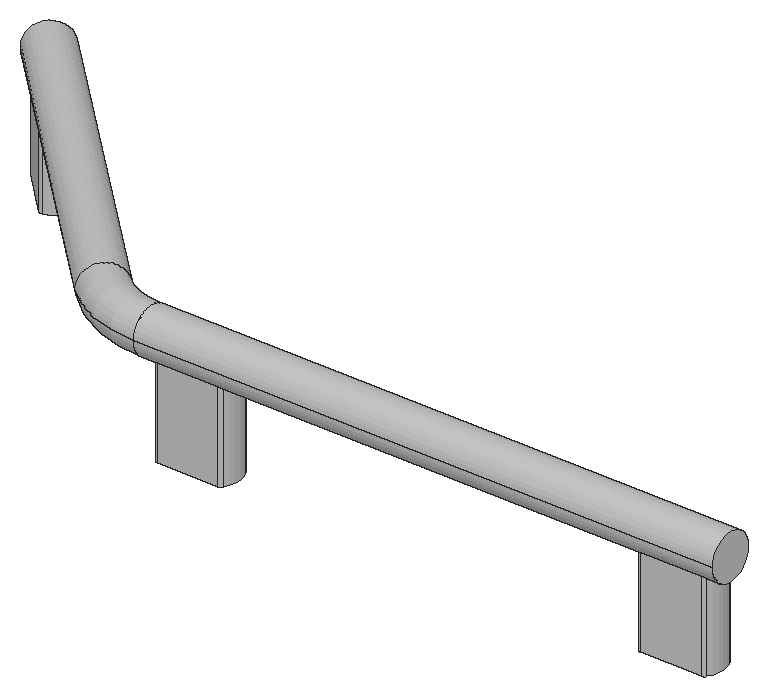
Revit family "687379BN OPAL SUPPORT RAIL 135 DEGREE RIGHT HAND ANGLED BRUSHEDNICKEL", category Plumbing Fixtures, host Face, Revit 2019
Family settings
  Host = Face
  Round Connector Dimension = Use Radius
  Part Type = Normal
  OmniClass Number = 23.40.20.21.47
  OmniClass Title = Bath Grab Bars
  Cut with Voids When Loaded = No
  Shared = No
  Room Calculation Point = No
Parameters (values of type "OPAL SUPPORT RAIL 135 DEGREE RIGHT HAND ANGLED BRUSHEDNICKEL")
  Waste Connection = no
  Vent Connection = no
  URL = "https://www.caroma.com.au/"
  Rail_Height = 75 mm
  Model = "687379BN"
  Material_Base = GWA_Metal-Brushed-Nickel
  Manufacturer = "GWA Bathrooms & Kitchens"  # constant formula
  HW Connection = no
  Description = "OPAL SUPPORT RAIL 135 DEGREE RIGHT HAND ANGLED BRUSHEDNICKEL"
  Default Elevation = 0 mm
  CreatedBy_ANZRS = "GWA Bathrooms & Kitchens"  # constant formula
  CW Connection = no
  Assembly Code = "C1030200"
Reference planes
  plane 1 "Center (Front/Back)": y = 0
  plane 2: z = 0
  plane 3 "Center (Left/Right)": x = 0
  plane 4 "Rail_Centre": z = 75
Forms (mm)
  Extrusion 1, solid, material "GWA_Metal-Brushed-Nickel" <- "Material_Base"
    sketch origin (225, 0, 0) x (-1, 0, 0) y (0, -1, 0)
      loop
        arc (246.722, -11.5) -> (248.222, -11.098) -> (249.321, -10) r 3
        arc (249.321, -10) -> (252, 0) -> (249.321, 10) r 20
        arc (249.321, 10) -> (248.222, 11.098) -> (246.722, 11.5) r 3
        line (246.722, 11.5) -> (203.278, 11.5)
        arc (203.278, 11.5) -> (201.778, 11.098) -> (200.679, 10) r 3
        arc (200.679, 10) -> (198, 0) -> (200.679, -10) r 20
        arc (200.679, -10) -> (201.778, -11.098) -> (203.278, -11.5) r 3
        line (203.278, -11.5) -> (246.722, -11.5)
    from 0 to 75
  Extrusion 2, solid, material "GWA_Metal-Brushed-Nickel" <- "Material_Base"
    sketch origin (-120, 0, 0) x (-1, 0, 0) y (0, -1, 0)
      loop
        arc (246.722, -11.5) -> (248.222, -11.098) -> (249.321, -10) r 3
        arc (249.321, -10) -> (252, 0) -> (249.321, 10) r 20
        arc (249.321, 10) -> (248.222, 11.098) -> (246.722, 11.5) r 3
        line (246.722, 11.5) -> (203.278, 11.5)
        arc (203.278, 11.5) -> (201.778, 11.098) -> (200.679, 10) r 3
        arc (200.679, 10) -> (198, 0) -> (200.679, -10) r 20
        arc (200.679, -10) -> (201.778, -11.098) -> (203.278, -11.5) r 3
        line (203.278, -11.5) -> (246.722, -11.5)
    from 0 to 75
  Extrusion 3, solid, material "GWA_Metal-Brushed-Nickel" <- "Material_Base"
    sketch origin (-444.648, 34.648, 0) x (-0.707107, 0.707107, 0) y (-0.707107, -0.707107, 0)
      loop
        arc (246.722, -11.5) -> (248.222, -11.098) -> (249.321, -10) r 3
        arc (249.321, -10) -> (252, 0) -> (249.321, 10) r 20
        arc (249.321, 10) -> (248.222, 11.098) -> (246.722, 11.5) r 3
        line (246.722, 11.5) -> (203.278, 11.5)
        arc (203.278, 11.5) -> (201.778, 11.098) -> (200.679, 10) r 3
        arc (200.679, 10) -> (198, 0) -> (200.679, -10) r 20
        arc (200.679, -10) -> (201.778, -11.098) -> (203.278, -11.5) r 3
        line (203.278, -11.5) -> (246.722, -11.5)
    from 0 to 75
  Sweep 4, solid, material "GWA_Metal-Brushed-Nickel" <- "Material_Base"
    path origin (0, 0, 75) x (1, 0, 0) y (0, 1, 0)
      loop
        line (33, 0) -> (-380.177, 0)
        arc (-380.177, 0) -> (-407.73, 5.481) -> (-431.088, 21.088) r 72
        line (-431.088, 21.088) -> (-627.082, 217.082)
    profile origin (-173.588, 0, 75) x (0, -1, 0) y (0, 0, 1)
      loop
        circle (0, 0) r 16
Lines and regions (mm)
  Masking region 1
    outline origin (0, 0, 0) x (0, 1, 0) y (0, 0, 1)
      loop
        line (218.118, 0) -> (218.118, 59.067)
        spline (218.118, 59.067) -> (220.917, 59.947) -> (223.47, 61.795) -> (225.613, 64.49) -> (227.207, 67.861) -> (228.151, 71.691) -> (228.384, 75.733) -> (227.89, 79.728) -> (226.702, 83.42) -> (224.896, 86.57) -> (222.588, 88.977) -> (219.926, 90.486) -> (217.082, 91)
        line (217.082, 91) -> (0, 91)
        arc (0, 91) -> (-14.731, 81.245) -> (-11.5, 63.876) r 16
        line (-11.5, 63.876) -> (-11.5, 0) -> (11.5, 0) -> (11.5, 59) -> (169.377, 59) -> (169.377, 0) -> (218.118, 0)
  Masking region 2
    outline origin (0, 0, 75) x (1, 0, 0) y (0, 1, 0)
      loop
        line (33, 16) -> (-380.177, 16)
        arc (-380.177, 16) -> (-401.607, 20.263) -> (-419.775, 32.402) r 56
        line (-419.775, 32.402) -> (-615.768, 228.395) -> (-638.395, 205.768) -> (-442.402, 9.775)
        arc (-442.402, 9.775) -> (-413.853, -9.301) -> (-380.177, -16) r 88
        line (-380.177, -16) -> (33, -16) -> (33, 16)
  Masking region 3
    outline origin (0, 0, 0) x (-1, 0, 0) y (0, 0, -1)
      loop
        line (-27, 0) -> (-27, -59) -> (-33, -59) -> (-33, -91) -> (627.082, -91)
        spline (627.082, -91) -> (629.926, -90.486) -> (632.588, -88.977) -> (634.896, -86.57) -> (636.702, -83.42) -> (637.89, -79.728) -> (638.384, -75.733) -> (638.151, -71.691) -> (637.207, -67.861) -> (635.613, -64.49) -> (633.47, -61.795) -> (630.917, -59.947) -> (628.118, -59.067)
        line (628.118, -59.067) -> (628.118, 0) -> (579.372, 0) -> (579.372, -59) -> (372, -59) -> (372, 0) -> (318, 0) -> (318, -59) -> (27, -59) -> (27, 0) -> (-27, 0)
  symbolic lines
    curve 1: line (0, 11.5, 0) -> (0, 11.5, 59)
    curve 2: line (0, 11.5, 0) -> (0, -11.5, 0)
    curve 3: line (0, -11.5, 0) -> (0, -11.5, 63.876)
    curve 4: circle (0, 0, 75) r 16 normal (1, 0, 0)
    curve 5: line (0, 0, 91) -> (0, 217.082, 91)
    curve 6: line (0, 0, 59) -> (0, 169.377, 59)
    curve 7: line (0, 169.377, 0) -> (0, 169.377, 63.076)
    curve 8: line (0, 218.118, 0) -> (0, 218.118, 59.067)
    curve 9: spline (0, 205.768, 75) -> (0, 206.154, 70.859) -> (0, 207.284, 67) -> (0, 209.082, 63.686) -> (0, 211.425, 61.144) -> (0, 214.154, 59.545) -> (0, 217.082, 59) -> (0, 220.01, 59.545) -> (0, 222.739, 61.144) -> (0, 225.082, 63.686) -> (0, 226.88, 67) -> (0, 228.01, 70.859) -> (0, 228.395, 75)
    curve 10: spline (0, 228.395, 75) -> (0, 228.01, 79.141) -> (0, 226.88, 83) -> (0, 225.082, 86.314) -> (0, 222.739, 88.856) -> (0, 220.01, 90.455) -> (0, 217.082, 91) -> (0, 214.154, 90.455) -> (0, 211.425, 88.856) -> (0, 209.082, 86.314) -> (0, 207.284, 83) -> (0, 206.154, 79.141) -> (0, 205.768, 75)
    curve 11: line (0, 170.177, 63.876) -> (0, 201.06, 63.876)
    curve 12: arc (0, 169.377, 63.076) -> (0, 169.611, 63.641) -> (0, 170.177, 63.876) r 0.8
    curve 13: line (0, 217.082, 59) -> (0, 212.741, 59)
    curve 14: spline (0, 201.06, 63.876) -> (0, 201.281, 63.84) -> (0, 201.512, 63.787) -> (0, 201.749, 63.719) -> (0, 201.992, 63.634) -> (0, 202.237, 63.535) -> (0, 202.483, 63.422) -> (0, 202.728, 63.296) -> (0, 202.969, 63.157) -> (0, 203.206, 63.008) -> (0, 203.435, 62.848) -> (0, 203.655, 62.681) -> (0, 203.865, 62.506)
    curve 15: arc (0, 212.741, 59) -> (0, 210.9, 59.18) -> (0, 209.128, 59.711) r 9.53
    curve 16: arc (0, 209.128, 59.711) -> (0, 206.427, 60.978) -> (0, 203.865, 62.506) r 30.052
    curve 17: line (33, 16, 75) -> (-380.177, 16, 75)
    curve 18: line (33, -16, 75) -> (-380.177, -16, 75)
    curve 19: line (-638.395, 205.768, 75) -> (-442.402, 9.775, 75)
    curve 20: line (-638.395, 205.768, 75) -> (-615.768, 228.395, 75)
    curve 21: line (-615.768, 228.395, 75) -> (-419.775, 32.402, 75)
    curve 22: line (33, 16, 75) -> (33, -16, 75)
    curve 23: arc (-380.177, 16, 75) -> (-401.607, 20.263, 75) -> (-419.775, 32.402, 75) r 56
    curve 24: arc (-380.177, -16, 75) -> (-413.853, -9.301, 75) -> (-442.402, 9.775, 75) r 88
    curve 25: line (27, 0, 0) -> (27, 0, 59)
    curve 26: line (27, 0, 0) -> (-27, 0, 0)
    curve 27: line (-27, 0, 0) -> (-27, 0, 59)
    curve 28: line (-21.774, 0, 63.876) -> (21.774, 0, 63.876)
    curve 29: line (27, 0, 59) -> (24.152, 0, 62.704)
    curve 30: arc (21.774, 0, 63.876) -> (23.099, 0, 63.567) -> (24.152, 0, 62.704) r 3
    curve 31: line (-27, 0, 59) -> (-24.152, 0, 62.704)
    curve 32: arc (-21.774, 0, 63.876) -> (-23.099, 0, 63.567) -> (-24.152, 0, 62.704) r 3
    curve 33: line (-318, 0, 0) -> (-318, 0, 59)
    curve 34: line (-318, 0, 0) -> (-372, 0, 0)
    curve 35: line (-372, 0, 0) -> (-372, 0, 59)
    curve 36: line (-366.774, 0, 63.876) -> (-323.226, 0, 63.876)
    curve 37: line (-318, 0, 59) -> (-320.848, 0, 62.704)
    curve 38: arc (-323.226, 0, 63.876) -> (-321.901, 0, 63.567) -> (-320.848, 0, 62.704) r 3
    curve 39: line (-372, 0, 59) -> (-369.152, 0, 62.704)
    curve 40: arc (-366.774, 0, 63.876) -> (-368.099, 0, 63.567) -> (-369.152, 0, 62.704) r 3
    curve 41: line (33, 0, 59) -> (33, 0, 91)
    curve 42: line (33, 0, 91) -> (-627.082, 0, 91)
    curve 43: line (33, 0, 59) -> (27, 0, 59)
    curve 44: line (-27, 0, 59) -> (-318, 0, 59)
    curve 45: line (-372, 0, 59) -> (-579.372, 0, 59)
    curve 46: spline (-615.768, 0, 75) -> (-616.154, 0, 79.141) -> (-617.284, 0, 83) -> (-619.082, 0, 86.314) -> (-621.425, 0, 88.856) -> (-624.154, 0, 90.455) -> (-627.082, 0, 91) -> (-630.01, 0, 90.455) -> (-632.739, 0, 88.856) -> (-635.082, 0, 86.314) -> (-636.88, 0, 83) -> (-638.01, 0, 79.141) -> (-638.395, 0, 75)
    curve 47: spline (-638.395, 0, 75) -> (-638.01, 0, 70.859) -> (-636.88, 0, 67) -> (-635.082, 0, 63.686) -> (-632.739, 0, 61.144) -> (-630.01, 0, 59.545) -> (-627.082, 0, 59) -> (-624.154, 0, 59.545) -> (-621.425, 0, 61.144) -> (-619.082, 0, 63.686) -> (-617.284, 0, 67) -> (-616.154, 0, 70.859) -> (-615.768, 0, 75)
    curve 48: line (-611.021, 0, 63.882) -> (-580.172, 0, 63.882)
    curve 49: spline (-613.791, 0, 62.577) -> (-613.573, 0, 62.734) -> (-613.347, 0, 62.886) -> (-613.113, 0, 63.032) -> (-612.875, 0, 63.17) -> (-612.634, 0, 63.299) -> (-612.391, 0, 63.419) -> (-612.15, 0, 63.527) -> (-611.911, 0, 63.624) -> (-611.677, 0, 63.709) -> (-611.449, 0, 63.78) -> (-611.23, 0, 63.838) -> (-611.021, 0, 63.882)
    curve 50: line (-628.118, 0, 0) -> (-628.118, 0, 59.067)
    curve 51: line (-627.082, 0, 59) -> (-622.777, 0, 59)
    curve 52: arc (-622.777, 0, 59) -> (-621.028, 0, 59.163) -> (-619.34, 0, 59.646) r 9.47
    curve 53: arc (-619.34, 0, 59.646) -> (-616.481, 0, 60.952) -> (-613.791, 0, 62.577) r 27.463
    curve 54: line (-579.372, 0, 63.082) -> (-579.372, 0, 0)
    curve 55: arc (-580.172, 0, 63.882) -> (-579.606, 0, 63.648) -> (-579.372, 0, 63.082) r 0.8
    curve 56: line (-628.118, 0, 0) -> (-579.372, 0, 0)
Dimensions and locks
  "Rail_Height": plane 4 "Rail_Centre" to host face
  aligned and locked: plane 2 to host face
  aligned and locked: level to host face
  aligned and locked: Masking region 3 sketch curve to curve 54
Automatic sketch dimensions
  curve 3 to level = 0 mm
  curve 4 to plane 1 "Center (Front/Back)" = 0 mm
  curve 5 to plane 1 "Center (Front/Back)" = 0 mm
  curve 6 to plane 1 "Center (Front/Back)" = 0 mm
  curve 7 to level = 0 mm
  curve 9 to plane 4 "Rail_Centre" = 0 mm
  curve 8 to level = 0 mm
  curve 4 to plane 4 "Rail_Centre" = 0 mm
  plane 1 "Center (Front/Back)" to curve 2 = 11.5 mm
  curve 1 to plane 1 "Center (Front/Back)" = 11.5 mm
  curve 7 to plane 4 "Rail_Centre" = 11.924 mm
  curve 1 to curve 7 = 157.877 mm
  curve 12 to curve 12 = 0.8 mm
  curve 11 to curve 11 = 30.883 mm
  curve 14 to curve 13 = 11.681 mm
  plane 4 "Rail_Centre" to curve 16 = 12.52 mm
  curve 15 to curve 16 = 7.78 mm
  curve 13 to curve 14 = 4.876 mm
  curve 15 to plane 4 "Rail_Centre" = 6.47 mm
  curve 14 to curve 11 = 1.309 mm
  curve 14 to curve 14 = 1.281 mm
  curve 14 to curve 14 = 1.524 mm
  curve 9 to curve 15 = 6.973 mm
  curve 16 to curve 15 = 0 mm
  curve 15 to curve 9 = 4.341 mm
  curve 5 to curve 16 = 3.439 mm
  curve 13 to curve 9 = 0 mm
  curve 10 to curve 8 = 1.036 mm
  curve 10 to curve 13 = 0 mm
  curve 47 to plane 4 "Rail_Centre" = 0 mm
  curve 56 to level = 0 mm
  curve 35 to level = 0 mm
  curve 27 to level = 0 mm
  plane 4 "Rail_Centre" to curve 53 = 10.236 mm
  curve 53 to plane 3 "Center (Left/Right)" = 629.308 mm
  curve 53 to curve 56 = 1.19 mm
  curve 50 to curve 51 = 5.341 mm
  curve 52 to curve 48 = 11.756 mm
  curve 48 to plane 4 "Rail_Centre" = 11.118 mm
  curve 48 to curve 48 = 30.848 mm
  curve 50 to curve 56 = 48.746 mm
  curve 45 to plane 4 "Rail_Centre" = 16 mm
  curve 45 to curve 45 = 207.372 mm
  curve 39 to plane 4 "Rail_Centre" = 12.296 mm
  curve 45 to curve 39 = 2.848 mm
  curve 39 to curve 36 = 2.378 mm
  curve 40 to curve 36 = 43.547 mm
  curve 37 to plane 4 "Rail_Centre" = 12.296 mm
  curve 38 to curve 37 = 2.378 mm
  curve 38 to curve 44 = 2.848 mm
  curve 27 to plane 3 "Center (Left/Right)" = 27 mm
  curve 44 to curve 31 = 2.848 mm
  curve 32 to curve 32 = 2.378 mm
  curve 28 to plane 4 "Rail_Centre" = 11.124 mm
  plane 3 "Center (Left/Right)" to curve 28 = 21.774 mm
  curve 29 to plane 4 "Rail_Centre" = 12.296 mm
  curve 28 to curve 29 = 2.378 mm
  curve 29 to curve 25 = 2.848 mm
  curve 28 to curve 41 = 11.226 mm
  curve 31 to curve 32 = 4.876 mm
  curve 51 to curve 48 = 4.882 mm
  curve 41 to curve 30 = 3.704 mm
  curve 32 to curve 32 = 3 mm
  curve 40 to curve 39 = 1.829 mm
  curve 52 to plane 4 "Rail_Centre" = 6.53 mm
  plane 4 "Rail_Centre" to curve 41 = 16 mm
  curve 46 to curve 53 = 9.088 mm
  curve 53 to curve 46 = 2.226 mm
  curve 50 to curve 51 = 1.036 mm
  curve 42 to curve 46 = 0 mm
  curve 53 to curve 52 = 0 mm
  curve 53 to curve 49 = 4.196 mm
  curve 49 to curve 49 = 1.352 mm
  curve 53 to curve 49 = 1.296 mm
  host sketch curve to host sketch curve = 2438.4 mm  (x2)
  curve 23 to curve 24 = 0 mm  (x2)
  curve 17 to plane 1 "Center (Front/Back)" = 16 mm
  plane 3 "Center (Left/Right)" to curve 17 = 33 mm
  curve 24 to plane 1 "Center (Front/Back)" = 72 mm
  curve 24 to plane 3 "Center (Left/Right)" = 380.177 mm
  curve 21 to plane 1 "Center (Front/Back)" = 32.402 mm
  curve 19 to plane 1 "Center (Front/Back)" = 9.775 mm
  curve 23 to curve 19 = 22.627 mm
  curve 20 to plane 1 "Center (Front/Back)" = 228.395 mm
  curve 21 to curve 20 = 195.993 mm
  Masking region 1 sketch curve to level = 0 mm  (x2)
  Masking region 1 sketch curve to plane 1 "Center (Front/Back)" = 0 mm
  Masking region 1 sketch curve to plane 4 "Rail_Centre" = 0 mm  (x2)
  plane 1 "Center (Front/Back)" to Masking region 1 sketch curve = 11.5 mm
  Masking region 1 sketch curve to plane 1 "Center (Front/Back)" = 11.5 mm
  Masking region 1 sketch curve to plane 4 "Rail_Centre" = 16 mm
  Masking region 1 sketch curve to Masking region 1 sketch curve = 157.877 mm
  Masking region 1 sketch curve to Masking region 1 sketch curve = 47.705 mm
  Masking region 1 sketch curve to Masking region 1 sketch curve = 48.741 mm
  Masking region 1 sketch curve to plane 4 "Rail_Centre" = 15.933 mm
  Masking region 1 sketch curve to Masking region 1 sketch curve = 11.124 mm
  plane 1 "Center (Front/Back)" to Extrusion 1 sketch curve = 0 mm  (x2)
  Extrusion 1 sketch curve to plane 1 "Center (Front/Back)" = 8.5 mm
  plane 3 "Center (Left/Right)" to Extrusion 1 sketch curve = 21.722 mm
  plane 1 "Center (Front/Back)" to Extrusion 1 sketch curve = 8.5 mm  (x2)
  Extrusion 1 sketch curve to Extrusion 1 sketch curve = 0 mm  (x3)
  plane 3 "Center (Left/Right)" to Extrusion 1 sketch curve = 7 mm
  Extrusion 1 sketch curve to plane 3 "Center (Left/Right)" = 7 mm
  Extrusion 1 sketch curve to Extrusion 1 sketch curve = 14.722 mm  (x2)
  Extrusion 1 sketch curve to plane 1 "Center (Front/Back)" = 11.5 mm
  Extrusion 1 sketch curve to Extrusion 1 sketch curve = 3 mm  (x2)
  plane 1 "Center (Front/Back)" to Extrusion 2 sketch curve = 0 mm  (x2)
  Extrusion 2 sketch curve to plane 1 "Center (Front/Back)" = 8.5 mm
  Extrusion 2 sketch curve to plane 3 "Center (Left/Right)" = 323.278 mm
  plane 1 "Center (Front/Back)" to Extrusion 2 sketch curve = 8.5 mm  (x2)
  Extrusion 2 sketch curve to Extrusion 2 sketch curve = 0 mm  (x3)
  Extrusion 2 sketch curve to Extrusion 2 sketch curve = 14.722 mm  (x3)
  Extrusion 2 sketch curve to Extrusion 2 sketch curve = 14 mm
  Extrusion 2 sketch curve to plane 1 "Center (Front/Back)" = 11.5 mm
  Extrusion 2 sketch curve to Extrusion 2 sketch curve = 3 mm  (x2)
  Extrusion 3 sketch curve to plane 1 "Center (Front/Back)" = 184.398 mm
  Extrusion 3 sketch curve to plane 3 "Center (Left/Right)" = 582.377 mm
  Extrusion 3 sketch curve to Extrusion 3 sketch curve = 0 mm  (x5)
  Extrusion 3 sketch curve to Extrusion 3 sketch curve = 14.722 mm  (x3)
  Extrusion 3 sketch curve to Extrusion 3 sketch curve = 14 mm
  Extrusion 3 sketch curve to Extrusion 3 sketch curve = 3 mm  (x2)
  Extrusion 3 sketch curve to Extrusion 3 sketch curve = 8.5 mm
  Extrusion 3 sketch curve to Extrusion 3 sketch curve = 17 mm  (x2)
  plane 1 "Center (Front/Back)" to Sweep 4 sketch curve = 0 mm
  Sweep 4 sketch curve to plane 1 "Center (Front/Back)" = 21.088 mm
  Sweep 4 sketch curve to plane 3 "Center (Left/Right)" = 431.088 mm
  Sweep 4 sketch curve to plane 1 "Center (Front/Back)" = 72 mm
  Sweep 4 sketch curve to plane 1 "Center (Front/Back)" = 217.082 mm
  Sweep 4 sketch curve to Sweep 4 sketch curve = 195.993 mm
  plane 3 "Center (Left/Right)" to Sweep 4 sketch curve = 33 mm
  Sweep 4 sketch curve to profile plane = 0 mm  (x2)
  Masking region 2 sketch curve to Masking region 2 sketch curve = 0 mm  (x2)
  Masking region 2 sketch curve to plane 1 "Center (Front/Back)" = 205.768 mm
  Masking region 2 sketch curve to plane 3 "Center (Left/Right)" = 638.395 mm
  Masking region 2 sketch curve to plane 1 "Center (Front/Back)" = 228.395 mm
  Masking region 2 sketch curve to Masking region 2 sketch curve = 22.627 mm
  Masking region 2 sketch curve to plane 1 "Center (Front/Back)" = 9.775 mm
  Masking region 2 sketch curve to plane 1 "Center (Front/Back)" = 32.402 mm
  plane 1 "Center (Front/Back)" to Masking region 2 sketch curve = 16 mm
  Masking region 2 sketch curve to Masking region 2 sketch curve = 39.598 mm
  plane 3 "Center (Left/Right)" to Masking region 2 sketch curve = 33 mm
  Masking region 3 sketch curve to level = 0 mm  (x3)
  Masking region 3 sketch curve to plane 4 "Rail_Centre" = 0 mm
  Masking region 3 sketch curve to Masking region 3 sketch curve = 207.372 mm
  Masking region 3 sketch curve to plane 4 "Rail_Centre" = 16 mm  (x3)
  Masking region 3 sketch curve to Masking region 3 sketch curve = 54 mm
  Masking region 3 sketch curve to plane 3 "Center (Left/Right)" = 27 mm
  plane 3 "Center (Left/Right)" to Masking region 3 sketch curve = 27 mm
  Masking region 3 sketch curve to Masking region 3 sketch curve = 6 mm
  plane 4 "Rail_Centre" to Masking region 3 sketch curve = 16 mm
  Masking region 3 sketch curve to Masking region 3 sketch curve = 47.71 mm
  Masking region 3 sketch curve to Masking region 3 sketch curve = 48.746 mm
  Masking region 3 sketch curve to Masking region 3 sketch curve = 15.933 mm
  radius of Sweep 4 sketch curve = 16 mm
